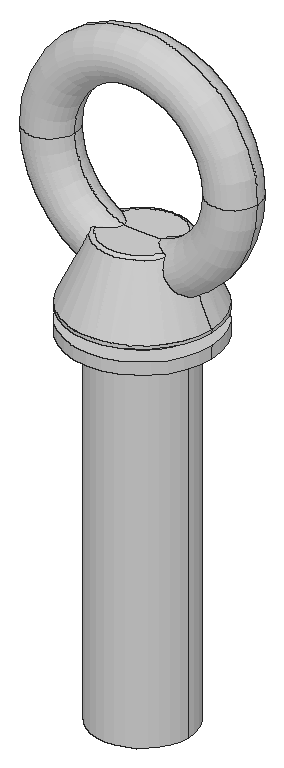
Revit family "AnchorPoint_Kattsafe_ConcreteMount_RemovableEyeBolt", category Specialty Equipment, host Face, Revit 2025
Family settings
  Host = Face
  Round Connector Dimension = Use Diameter
  Part Type = Normal
  OmniClass Number = 23.27.71.21
  Enable Cutting in Views = No
  Cut with Voids When Loaded = Yes
  Maintain Annotation Orientation = No
  Shared = No
  Room Calculation Point = No
Parameters (values of type "Eyebolt (AP127.10)")
  Uniclass2015Version = "Products v1.23"
  Uniclass2015Title = "Safety access anchor devices"
  Uniclass2015Code = "Pr_40_70_75_75"
  URL = "https://kattsafe.com.au/"
  Type IFC Predefined Type = "USERDEFINED"
  Type Comments = "Concrete Mount Anchor - 15kN rated - 0.3kg"
  SafetyDisclaimer [instance] = "WARNING! The correct placement of access, fall protection and facade maintenance systems is critical to ensure it is fit-for-purpose and safe for the operator to use. Did you know Kattsafe® have a dedicated team of Height Safety System Design Specialists? Kattsafe® provide one-on-one consultation and system design assistance to ensure you are meeting the stringent requirements of height safety and to give you PEACE OF MIND with your project."  # constant formula
  ModifiedIssue = 20240430
  Model = "AP127.10"
  Material = Steel_Stainless_Kattsafe_Satin
  ManufacturerURLProductSpecific = "https://kattsafe.com.au/products/anchor-points/concrete-mount-roof-anchors/Concrete-mount-anchor-kit-removable-eyelet"
  ManufacturerSpecCode = Model  # "AP127.10"
  ManufacturerOverallWidth = 60 mm  # constant formula
  ManufacturerOverallHeight = 160 mm  # constant formula
  ManufacturerOverallDepth = 60 mm  # constant formula
  Manufacturer = "Kattsafe®"  # constant formula
  IfcExportType = "USERDEFINED"
  IfcExportAs = "IfcBuildingElementProxy"
  HostOffset [instance] = 0 mm
  Eyebolt = yes
  Export Type to IFC As = "IfcBuildingElementProxy"
  ElementType = "Fall Protection"
  Description = "Our Kattsafe anchor points are specifically designed, manufactured, and tested to comply with and often exceed Australian Standards, effectively handling excessive loads and saving lives when using a harness and lanyard system."  # constant formula
  Default Elevation = 0 mm  # constant formula
  CreatedBy = "IGS BIM Solutions"  # constant formula
  CreatedByURL = "https://igsgroup.com.au"
  Cap = no
  Assembly Code = "E1090100"
Types (2, lengths in mm): name | Model | ManufacturerSpecCode | Eyebolt | Cap
  Eyebolt (AP127.10) | "AP127.10" | "AP127.10" | yes | no
  Insert Cap (AP127.20) | "AP127.20" | "AP127.20" | no | yes
Reference planes
  plane 1 "Center (Front/Back)": y = 0
  plane 2 "Ref. Level": z = 0
  plane 3 "Center (Left/Right)": x = 0
  plane 4 "Front": y = -30
  plane 5 "Back": y = 30
  plane 6 "Right": x = 30
  plane 7 "Left": x = -30
  plane 8 "Top": z = 70
  plane 9 "Bottom": z = -90
  plane 10 "Base": z = 0
Forms (mm)
  Revolve 1, solid, material "Steel_Stainless_Kattsafe_Satin" <- "Material"
    sketch origin (0, 0, -125) x (1, 0, 0) y (0, 0, 1)
      loop
        line (0, 125) -> (0, 35) -> (12, 35) -> (12, 125) -> (0, 125)
      axis (0, 35) -> (0, 125)
    angle from 0 to 360
  Revolve 2, void
    sketch origin (0, 0, -125) x (1, 0, 0) y (0, 0, 1)
      loop
        line (0, 125) -> (0, 31.261) -> (14, 31.261) -> (14, 125) -> (0, 125)
      axis (0, 31.261) -> (0, 125)
    angle from 0 to 360
  Extrusion 3, solid, material "Steel_Stainless_Kattsafe_Satin" <- "Material", visible <- "Eyebolt"
    sketch origin (-1524, 277.61, 0) x (-1, 0, 0) y (0, 1, 0)
      loop
        circle (-1524, -277.61) r 18
      loop
        circle (-1524, -277.61) r 8
    from 0 to -3
  Revolve 4, solid, material "Steel_Stainless_Kattsafe_Satin" <- "Material", visible <- "Eyebolt"
    sketch origin (0, 0, 0) x (1, 0, 0) y (0, 0, 1)
      loop
        line (0, 23.165) -> (0, 6.049) -> (18, 6.049) -> (18, 6.854) -> (10.736, 22.584)
        arc (10.736, 22.584) -> (10.367, 23.008) -> (9.828, 23.165) r 1
        line (9.828, 23.165) -> (0, 23.165)
      axis (0, 6.049) -> (0, 23.165)
    angle from 0 to 360
  Sweep 5, solid, material "Steel_Stainless_Kattsafe_Satin" <- "Material", visible <- "Eyebolt"
    path origin (0, 0, 0) x (1, 0, 0) y (0, 0, 1)
      loop
        circle (0, 40) r 30
    profile origin (0, 0, 70) x (0, 0, -1) y (0, -1, 0)
      loop
        circle (6.25, 0) r 6.25
  Revolve 6, solid, material "Steel_Stainless_Kattsafe_Satin" <- "Material", visible <- "Eyebolt"
    sketch origin (0, 0, -125) x (1, 0, 0) y (0, 0, 1)
      loop
        line (0, 131.049) -> (0, 128) -> (13, 128) -> (13, 131.049) -> (0, 131.049)
      axis (0, 128) -> (0, 131.049)
    angle from 0 to 360
  Extrusion 7, solid, material "Steel_Stainless_Kattsafe_Satin" <- "Material", visible <- "Cap"
    sketch origin (-1524, 277.61, 0) x (-1, 0, 0) y (0, 1, 0)
      loop
        circle (-1524, -277.61) r 18
    from 0 to -3
  Extrusion 8, void
    sketch origin (0, 0, 0) x (1, 0, 0) y (0, 0, 1)
      loop
        line (-0.488, 3) -> (-0.488, 2) -> (0.512, 2) -> (0.512, 3) -> (-0.488, 3)
    from -25 to 25
Cuts and joins
  Extrusion 8 cuts Extrusion 7
  joined: Revolve 4, Sweep 5
Lines and regions (mm)
  Masking region 1, visible <- "Eyebolt"
    outline origin (0, 0, 70) x (-1, 0, 0) y (0, -1, 0)
      loop
        arc (23.75, -6.25) -> (30, 0) -> (23.75, 6.25) r 6.25
        line (23.75, 6.25) -> (16.88, 6.25)
        arc (16.88, 6.25) -> (0, 18) -> (-16.88, 6.25) r 18
        line (-16.88, 6.25) -> (-23.75, 6.25)
        arc (-23.75, 6.25) -> (-30, 0) -> (-23.75, -6.25) r 6.25
        line (-23.75, -6.25) -> (-16.88, -6.25)
        arc (-16.88, -6.25) -> (0, -18) -> (16.88, -6.25) r 18
        line (16.88, -6.25) -> (23.75, -6.25)
  Masking region 2, visible <- "Cap"
    outline origin (0, 0, 70) x (-1, 0, 0) y (0, -1, 0)
      loop
        circle (0, 0) r 18
  symbolic lines, style "Fall Arrest Systems", visible <- "Eyebolt", detail levels medium+fine
    curve 1: line (-16.88, 6.25, 70) -> (16.88, 6.25, 70)
    curve 2: line (16.88, -6.25, 70) -> (-16.88, -6.25, 70)
  symbolic lines, style "Fall Arrest Systems", visible <- "Cap", detail levels medium+fine
    curve 3: line (-0.488, -17.993, 70) -> (-0.488, 17.993, 70)
    curve 4: line (0.512, 17.993, 70) -> (0.512, -17.993, 70)
Text (mm)
  text "Disclaimer:\nDue to ongoing product development and manufacturing \nevolution, product details are subject to change without \nnotice. Please refer to product technical data sheets on \nthe manufacturers website for the most current product \ninformation. Please allow a +/- 5mm manufacturing \ntolerance for dimensions and set-outs shown in product \nliterature." at (140.12, 82.963, 0), in view "Ref. Level"
Dimensions and locks
  "ManufacturerOverallWidth": plane 7 "Left" to plane 6 "Right"
  "ManufacturerOverallDepth": plane 5 "Back" to plane 4 "Front"
  equal spacing: plane 4 "Front", plane 1 "Center (Front/Back)", plane 5 "Back"
  equal spacing: plane 7 "Left", plane 3 "Center (Left/Right)", plane 6 "Right"
  "HostOffset": plane 10 "Base" to level
  locked: plane 8 "Top" to plane 10 "Base" at 70
  "ManufacturerOverallHeight": plane 8 "Top" to plane 9 "Bottom"
  plane 10 "Base" to plane 9 "Bottom" = 90 mm
  aligned and locked: plane 2 "Ref. Level" to host face
  aligned and locked: level to host face
  aligned and locked: Revolve 1 to plane 9 "Bottom"
  aligned and locked: Revolve 1 to plane 10 "Base"
  aligned and locked: Revolve 2 to plane 10 "Base"
  aligned and locked: plane 8 "Top" to Revolve 4 sketch curve
  aligned and locked: Revolve 4 sketch curve to Revolve 4 sketch curve
  aligned and locked: Extrusion 8 sketch curve to Extrusion 3
Automatic sketch dimensions
  host sketch curve to host sketch curve = 60 mm  (x2)
  plane 3 "Center (Left/Right)" to Sweep 5 sketch curve = 0 mm
  plane 8 "Top" to Sweep 5 sketch curve = 30 mm
  Sweep 5 sketch curve to plane 1 "Center (Front/Back)" = 0 mm
  Sweep 5 sketch curve to profile plane = 6.25 mm
  Extrusion 3 sketch curve to Extrusion 3 sketch curve = 0 mm  (x2)
  plane 1 "Center (Front/Back)" to Extrusion 3 sketch curve = 0 mm
  Extrusion 3 sketch curve to plane 3 "Center (Left/Right)" = 0 mm
  Revolve 2 sketch curve to plane 3 "Center (Left/Right)" = 0 mm  (x2)
  level to Revolve 2 sketch curve = 0 mm
  plane 3 "Center (Left/Right)" to Revolve 2 sketch curve = 14 mm
  plane 9 "Bottom" to Revolve 2 sketch curve = 3.739 mm
  Revolve 2 sketch curve to level = 20 mm
  Revolve 2 sketch curve to plane 9 "Bottom" = 15 mm
  Revolve 1 sketch curve to plane 3 "Center (Left/Right)" = 0 mm  (x2)
  Revolve 1 sketch curve to plane 9 "Bottom" = 0 mm
  Revolve 1 sketch curve to plane 10 "Base" = 0 mm
  plane 3 "Center (Left/Right)" to Revolve 1 sketch curve = 12 mm
  Revolve 1 sketch curve to level = 20 mm
  Revolve 1 sketch curve to Revolve 1 sketch curve = 15 mm
  Masking region 1 sketch curve to Masking region 1 sketch curve = 0 mm  (x4)
  plane 1 "Center (Front/Back)" to Masking region 1 sketch curve = 0 mm  (x3)
  plane 1 "Center (Front/Back)" to Masking region 1 sketch curve = 6.25 mm
  plane 6 "Right" to Masking region 1 sketch curve = 13.12 mm
  plane 6 "Right" to Masking region 1 sketch curve = 6.25 mm
  Masking region 1 sketch curve to plane 1 "Center (Front/Back)" = 6.25 mm
  plane 7 "Left" to Masking region 1 sketch curve = 6.25 mm
  Masking region 1 sketch curve to plane 3 "Center (Left/Right)" = 0 mm
  Masking region 1 sketch curve to Masking region 1 sketch curve = 6.87 mm
  Revolve 4 sketch curve to plane 3 "Center (Left/Right)" = 0 mm
  Revolve 4 sketch curve to plane 10 "Base" = 0 mm
  plane 3 "Center (Left/Right)" to Revolve 4 sketch curve = 9.828 mm
  Revolve 4 sketch curve to Revolve 4 sketch curve = 0.908 mm
  Revolve 4 sketch curve to plane 10 "Base" = 6.049 mm
  plane 3 "Center (Left/Right)" to Revolve 4 sketch curve = 18 mm
  Revolve 4 sketch curve to Revolve 4 sketch curve = 0.805 mm
  Revolve 4 sketch curve to Revolve 4 sketch curve = 16.116 mm
  Revolve 4 sketch curve to Revolve 4 sketch curve = 0.419 mm
  Revolve 6 sketch curve to plane 3 "Center (Left/Right)" = 0 mm  (x2)
  Revolve 6 sketch curve to plane 10 "Base" = 3 mm
  Revolve 6 sketch curve to Revolve 6 sketch curve = 3.049 mm
  Revolve 6 sketch curve to Revolve 6 sketch curve = 5 mm
  plane 3 "Center (Left/Right)" to Revolve 6 sketch curve = 13 mm
  Revolve 6 sketch curve to level = 20 mm
  Extrusion 8 sketch curve to plane 3 "Center (Left/Right)" = 0.488 mm
  plane 3 "Center (Left/Right)" to Extrusion 8 sketch curve = 0.512 mm
  Extrusion 8 sketch curve to Extrusion 8 sketch curve = 1 mm
  plane 1 "Center (Front/Back)" to Extrusion 7 sketch curve = 0 mm
  Extrusion 7 sketch curve to plane 3 "Center (Left/Right)" = 0 mm
  curve 1 to plane 1 "Center (Front/Back)" = 6.25 mm
  plane 6 "Right" to curve 1 = 13.12 mm
  plane 1 "Center (Front/Back)" to curve 2 = 6.25 mm
  curve 2 to curve 1 = 0 mm
  plane 7 "Left" to curve 2 = 13.12 mm
  curve 1 to curve 2 = 0 mm
  plane 1 "Center (Front/Back)" to Masking region 2 sketch curve = 0 mm
  Masking region 2 sketch curve to plane 3 "Center (Left/Right)" = 0 mm
  radius of Sweep 5 sketch curve = 30 mm
  radius of Extrusion 3 sketch curve = 18 mm
  radius of Extrusion 3 sketch curve = 8 mm
  radius of Sweep 5 sketch curve = 6.25 mm
  radius of Extrusion 7 sketch curve = 18 mm
  radius of Masking region 2 sketch curve = 18 mm
